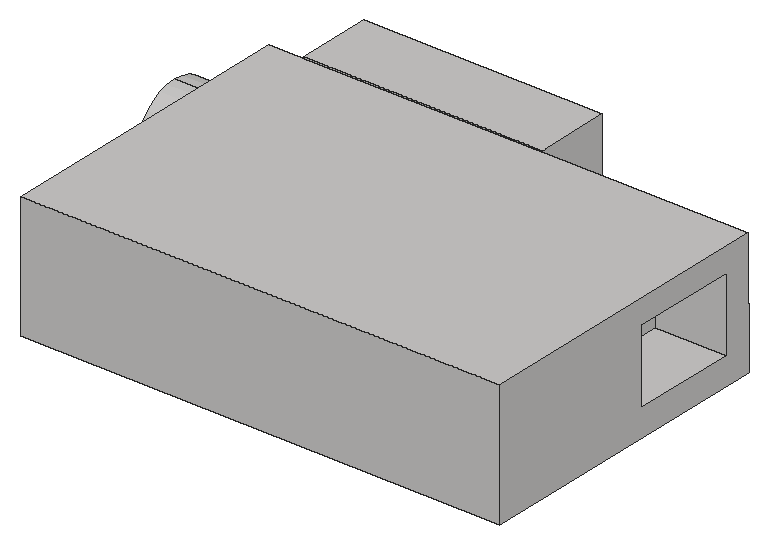
Revit family
Parameters
  Width = 2' - 2"
  Voltage = 208 V
  Unit Weight = "113.0 lbs"
  URL = "http://www.titus-hvac.com/"
  UL = "181"
  Supply Air Flow [instance] = 0 CFM
  Primary Air Pressure Drop [instance] = 0.00 in-wg
  Primary Air Flow [instance] = 0 CFM
  Plenum Air Pressure Drop [instance] = 0.00 in-wg
  Plenum Air Flow [instance] = 0 CFM
  Outlet Width = 0' - 9"
  Outlet Vertical Offset = 0' - 2 1/4"
  Outlet Horizontal Offset = 0' - 2"
  Outlet Height = 0' - 6 1/4"
  Number of Poles = 2
  Nominal Width = Width + 0' 6 1/4"  # 2' - 8 1/4"
  Nominal Length = Length + 0' 3 3/8"  # 3' - 7 5/8"
  Nominal Inlet Size = 0' - 8"
  Nominal Height = 0' - 10 5/8"
  NFPA = "90A"
  Motor Full Load Amps = 1.6 A
  Model = "DFLS"
  Min. Air Flow = 0 CFM
  Max. Air Flow = 900 CFM
  Material = Steel
  Manufacturer = "Titus"
  Length = 3' - 4 1/4"
  Juction Box Offset = 0' - 3"
  Inlet Diameter = Nominal Inlet Size - 0' 0 1/8"  # 0' - 7 7/8"
  Induced Air Inlet Vertical Offset = 0' - 0 5/8"
  Induced Air Inlet Horizontal Offset = 0' - 0 7/8"
  Induced Air Inlet Width = 1' - 2 5/8"
  Induced Air Inlet Height = 0' - 8 3/4"
  Induced Air Filter = no
  Height = 0' - 10 1/2"
  Heating Total Capacity [instance] = 0 Btu/h
  Half Outlet Connection Width = Outlet Width / 2  # 0' - 4 1/2"
  Half Outlet Connection Height = Outlet Height / 2  # 0' - 3 1/8"
  Half Height Start = -(Height / 2)  # -0' - 5 1/4"
  Half Height End = Height / 2  # 0' - 5 1/4"
  HP-Motor = "1/6"
  Frequency = 60 Hz
  Foil Face Liner = Choose Liner Option = 1  # no
  Fiber Free Liner = Choose Liner Option = 2  # no
  Fan Disconnect Switch = no
  Duct Radius = Nominal Inlet Size / 2  # 0' - 4"
  Description = "Series Fan Powered Terminal Unit, Direct Digital Control, Pressure Independent, Low Profile"
  Connection Void Radius = Connection Radius - 0' 0 1/4"  # 0' - 3 11/16"
  Connection Radius = Inlet Diameter / 2  # 0' - 3 15/16"
  Choose Liner Option = 0
  CADworks URL = "www.CADworks.net"
  Assembly Code = "D3040100"
  Apparent Power = Voltage * Motor Full Load Amps  # 332.8 VA
  Air Inlet Offset = 0' - 5 5/8"
  1/2" Fiberglass Liner = Choose Liner Option = 0  # yes
Reference planes (in)
  plane 1 "Center (Front/Back)": y = 0
  plane 2: z = 0
  plane 3 "Center (Left/Right)": x = 3
  plane 4: x = -17.125
  plane 5: x = 23.125
  plane 6: x = -14.125
  plane 7: x = -20.5
  plane 8 "Center (Elevation)": z = 0
  plane 9: y = -13
  plane 10: y = 13
  plane 11: y = 7.375
  plane 12: y = -12.125
  plane 13: y = 19.25
  plane 14: z = 5.25
  plane 15: z = -5.25
  plane 16: x = -11.125
  plane 17: x = 17.125
Forms (in)
  Extrusion 1, solid, material "Steel" <- "Material"
    sketch origin (0, 0, 0) x (1, 0, 0) y (0, 1, 0)
      loop
        line (-17.125, 13) -> (-17.125, -13) -> (23.125, -13) -> (23.125, 13) -> (-17.125, 13)
    from -5.25 <- "Half Height Start" to 5.25 <- "Half Height End"
  Extrusion 2, solid, material "Steel" <- "Material"
    sketch origin (4.5, 0, -4.25) x (1, 0, 0) y (0, 1, 0)
      loop
        line (-18.625, 13) -> (1.375, 13) -> (1.375, 19.25) -> (-18.625, 19.25) -> (-18.625, 13)
    from 0 to 9.625
  Extrusion 3, void
    sketch origin (23.125, 13, -0.5) x (0, 1, 0) y (0, 0, -1)
      loop
        line (-2.25, -3.75) -> (-2.25, 2.5) -> (-11.25, 2.5) -> (-11.25, -3.75) -> (-2.25, -3.75)
    from 0 to 6
  Extrusion 4, solid, material "Steel" <- "Material"
    sketch origin (-24.875, -5.125, 0) x (0, 0, -1) y (0, 1, 0)
      loop
        circle (0, 12.5) r 3.9375
    from 4.375 to 7.75
  Extrusion 5, void
    sketch origin (-24.875, 0, 0) x (0, 1, 0) y (0, 0, 1)
      loop
        circle (7.375, 0) r 3.6875
    from 4.375 to 13.75
  Extrusion 6, void
    sketch origin (-17.125, -13, 0) x (0, -1, 0) y (0, 0, -1)
      loop
        line (-15.5, -4.125) -> (-0.875, -4.125) -> (-0.875, 4.625) -> (-15.5, 4.625) -> (-15.5, -4.125)
    from 0 to 6
Cuts and joins
  Extrusion 3, Extrusion 5, Extrusion 6 cuts Extrusion 1
  Extrusion 5 cuts Extrusion 4
Dimensions and locks (in)
  "Length": plane 5 to plane 4
  equal spacing: plane 5, plane 3 "Center (Left/Right)", plane 4, locked at 20.125 each
  locked: Extrusion 2 to Extrusion 2 at 20
  "Juction Box Offset": plane 6 to plane 4
  "Outlet Height": Extrusion 3 sketch curve to Extrusion 3 sketch curve
  "Outlet Width": Extrusion 3 sketch curve to Extrusion 3 sketch curve
  locked: plane 4 to plane 7 at 3.375
  "Width": plane 9 to plane 10
  equal spacing: plane 9, plane 1 "Center (Front/Back)", plane 10, locked at 13 each
  locked: Extrusion 2 to Extrusion 2 at 6.25
  locked: cut or joined group of Extrusion 4, Extrusion 5 to plane 11 at 0
  locked: Extrusion 5 sketch curve to plane 11 at 0  (x2)
  "Air Inlet Offset": plane 10 to plane 11
  locked: cut or joined group of Extrusion 4, Extrusion 5 to cut or joined group of Extrusion 4, Extrusion 5 at 3.375
  "Outlet Horizontal Offset": Extrusion 3 sketch curve to cut or joined group of Extrusion 1, Extrusion 3, Extrusion 5, Extrusion 6
  "Induced Air Inlet Horizontal Offset": plane 9 to plane 12
  "Induced Air Inlet Width": Extrusion 6 sketch curve to Extrusion 6 sketch curve
  "Induced Air Inlet Height": Extrusion 6 sketch curve to Extrusion 6 sketch curve
  "Induced Air Inlet Horizontal Offset": Extrusion 6 sketch curve to plane 9
  "Outlet Vertical Offset": Extrusion 3 sketch curve to plane 10
  locked: Extrusion 4 sketch curve to level at 0
  locked: Extrusion 4 sketch curve to plane 11 at 0
  locked: Extrusion 5 sketch curve to level at 0
  "Induced Air Inlet Vertical Offset": cut or joined group of Extrusion 1, Extrusion 3, Extrusion 5, Extrusion 6 to Extrusion 6 sketch curve
  locked: Extrusion 2 to Extrusion 2 at 9.625
  locked: plane 15 to Extrusion 2 at 1
  equal spacing: plane 14, level, plane 15, locked at 5.25 each
  locked: plane 4 to plane 16 at 6
  locked: plane 17 to plane 5 at 6
  "Connection Radius": radius of Extrusion 4 sketch curve
  "Connection Void Radius": radius of Extrusion 5 sketch curve
  aligned and locked: plane 13 to Extrusion 2
  aligned and locked: plane 6 to Extrusion 2
  aligned and locked: plane 10 to cut or joined group of Extrusion 1, Extrusion 3, Extrusion 5, Extrusion 6
  aligned and locked: plane 4 to cut or joined group of Extrusion 1, Extrusion 3, Extrusion 5, Extrusion 6  (x2)
  aligned and locked: plane 5 to cut or joined group of Extrusion 1, Extrusion 3, Extrusion 5, Extrusion 6  (x2)
  aligned and locked: plane 9 to cut or joined group of Extrusion 1, Extrusion 3, Extrusion 5, Extrusion 6
  aligned and locked: plane 14 to cut or joined group of Extrusion 1, Extrusion 3, Extrusion 5, Extrusion 6
  aligned and locked: plane 15 to cut or joined group of Extrusion 1, Extrusion 3, Extrusion 5, Extrusion 6
  aligned and locked: plane 10 to Extrusion 2
  aligned and locked: Extrusion 3 to plane 17
  aligned and locked: Extrusion 6 to Extrusion 5
  aligned and locked: plane 17 to cut or joined group of Extrusion 1, Extrusion 3, Extrusion 5, Extrusion 6
  aligned and locked: plane 16 to cut or joined group of Extrusion 1, Extrusion 3, Extrusion 5, Extrusion 6  (x2)
  aligned and locked: plane 7 to cut or joined group of Extrusion 4, Extrusion 5  (x2)
  aligned and locked: plane 4 to cut or joined group of Extrusion 4, Extrusion 5
  aligned and locked: plane 12 to cut or joined group of Extrusion 1, Extrusion 3, Extrusion 5, Extrusion 6
Automatic sketch dimensions
  Extrusion 1 sketch curve to plane 4 = 0' - 0"
  plane 5 to Extrusion 1 sketch curve = 0' - 0"
  Extrusion 1 sketch curve to plane 9 = 0' - 0"
  Extrusion 1 sketch curve to plane 10 = 0' - 0"
  Extrusion 2 sketch curve to plane 6 = 0' - 0"
  Extrusion 2 sketch curve to plane 10 = 0' - 0"
  Extrusion 2 sketch curve to plane 5 = 1' - 5 1/4"
  Extrusion 2 sketch curve to Extrusion 2 sketch curve = 0' - 6 1/4"
Connectors (in)
  electrical at (-4.125, 19.25, 0.5625), driven by "Apparent Power", driven by "Voltage", driven by "Number of Poles"
    settings: on Extrusion 2, index 8
  hvac at (-20.5, 7.375, 0), driven by "Duct Radius", driven by "Primary Air Pressure Drop", driven by "Primary Air Flow"
    settings: on cut or joined group of Extrusion 4, Extrusion 5, index 9
  hvac at (-17.125, -4.8125, -0.25), driven by "Induced Air Inlet Height", driven by "Induced Air Inlet Width", driven by "Plenum Air Pressure Drop", driven by "Plenum Air Flow"
    settings: on cut or joined group of Extrusion 1, Extrusion 3, Extrusion 5, Extrusion 6, index 10
  hvac at (23.125, 6.25, 0.125), driven by "Outlet Height", driven by "Outlet Width", driven by "Supply Air Flow"
    settings: on cut or joined group of Extrusion 1, Extrusion 3, Extrusion 5, Extrusion 6, index 11
